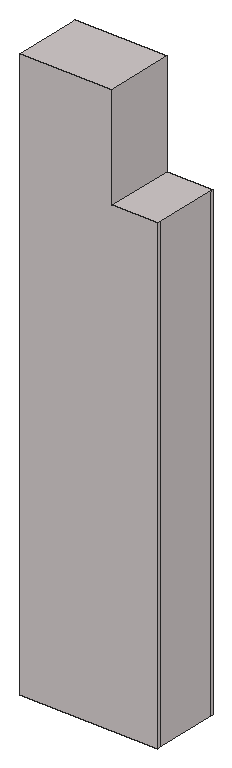
Revit family "M_Pré-moldado-Coluna retangular com arrimo", category Pilares estruturais, Revit 2019
Family settings
  Exibir em vistas ocultas = Arestas ocultadas por outros membros
  Forma do corte = Não definido
  Material para o comportamento do modelo = Concreto pré-moldado
  Exportar sempre como geometria = Não
  Redução da viga na planta = Da caixa de vinculação
  Número OmniClass = 23.25.30.11.14.11
  Título OmniClass = Columns
  ID de item do Seek = Precast-Rectangular Column with Bearing-0000-CAN-ENU
  Corte com vazios quando carregada = Não
  Representação simbólica = Da família
  Compartilhado = Não
  Exibir o pré-corte da família na vista da planta = Sim
Parameters (values of type "600x300 com assento de um lado")
  TransChamfer = if(Chanfro = 0 mm, 10 mm, Chanfro)  # 10 mm
  Peso da vara de tirante [instance] = 30
  Vara de tirante W [instance] = (Peso da vara de tirante) * 9.80 kN / 1000  # 0.294 kN
  Structural Material [instance] = Concreto - Moldado in loco - 35 MPa
  Peso do vergalhão simples [instance] = 50
  Vergalhão em W simples [instance] = (Peso do vergalhão simples * 9.80 kN) / 1000  # 0.49 kN
  Peso das grades de vergalhão [instance] = 100
  Grades de vergalhão W [instance] = (Peso das grades de vergalhão * 9.80 kN) / 1000  # 0.98 kN
  Profundidade da abertura [instance] = if(Abertura, h, 0 mm)  # 0 mm
  Dois lados = no
  Profundidade do assento à direita [instance] = 200 mm
  Profundidade do assento à esquerda [instance] = 200 mm
  Profundidade do assento 1 [instance] = if(not(Dois lados), 0 mm, Profundidade do assento à esquerda)  # 0 mm
  Distância da abertura [instance] = 1200 mm
  Altura do assento [instance] = 450 mm
  Raio de abertura [instance] = 40 mm
  Abertura = no
  b = 600 mm
  h = 300 mm
  Chanfro = 0 mm
Types (4, lengths in mm): name | Profundidade da abertura | Dois lados | Profundidade do assento à esquerda | Profundidade do assento 1 | Abertura
  (no name) | 0 | no | 200 | 0 | no
  600x300 com assento de dois lados | 0 | yes | 200 | 200 | no
  600x300 com assento de um lado | 0 | no | 200 | 0 | no
  600x300 com assento de dois lados e abertura | 300 | yes | 100 | 100 | yes
Reference planes
  plane 1 "Centro (Frente/Trás)": y = 0
  plane 2: z = 0
  plane 3 "Centro (Esquerda/Direita)": x = 0
  plane 4: x = -300
  plane 5: y = -150
  plane 6: x = 300
  plane 7: y = 150
  plane 8: x = 100
  plane 9: z = 2050
  plane 10: x = -300
  plane 11: z = 1300
  plane 12: y = 170
  plane 13: x = -300
  plane 14: x = 300
  plane 15: y = -140
  plane 16: y = 140
Forms (mm)
  Extrusion 1, solid, material "Concreto - Moldado in loco - 35 MPa" <- "Structural Material"
    sketch origin (0, 0, 0) x (1, 0, 0) y (0, 1, 0)
      loop
        line (-300, 150) -> (-300, 140) -> (-300, -140) -> (-300, -150) -> (300, -150) -> (300, -140) -> (300, 140) -> (300, 150) -> (-300, 150)
    from 0 to 2500
  Extrusion 2, void
    sketch origin (-40, 0, 0) x (-1, 0, 0) y (0, 0, 1)
      loop
        circle (-40, 1300) r 40
    from 150 to 170
  Extrusion 3, void
    sketch origin (0, 0, 0) x (-1, 0, 0) y (0, 0, 1)
      loop
        line (300, 2050) -> (305, 2050) -> (305, 2500) -> (300, 2500) -> (300, 2050)
      loop
        line (-300, 2050) -> (-100, 2050) -> (-100, 2500) -> (-300, 2500) -> (-300, 2050)
    from -150 to 150
Cuts and joins
  Extrusion 2, Extrusion 3 cuts Extrusion 1
Dimensions and locks
  "Altura do assento": level to plane 9
  "Distância da abertura": level to plane 11
  equal spacing: plane 7, plane 1 "Centro (Frente/Trás)", plane 5
  "b": plane 4 to plane 6
  equal spacing: plane 4, plane 3 "Centro (Esquerda/Direita)", plane 6
  "h": plane 5 to plane 7
  "Profundidade do assento 1": plane 4 to plane 10
  "Profundidade do assento à direita": plane 8 to plane 6
  locked: Extrusion 3 sketch curve to plane 4 at 5
  locked: plane 12 to plane 7 at 20
  "Profundidade da abertura": plane 7 to cut or joined group of Extrusion 1, Extrusion 2, Extrusion 3
  "Chanfro": plane 4 to plane 13
  "Chanfro": plane 14 to plane 6
  "TransChamfer": plane 7 to plane 16
  "TransChamfer": plane 15 to plane 5
  "Raio de abertura": radius of Extrusion 2 sketch curve
  aligned and locked: level to Extrusion 1
  aligned and locked: level to plane 2
  aligned and locked: Extrusion 1 to plane 2
  aligned and locked: plane 11 to Extrusion 2 sketch curve
  aligned and locked: Extrusion 1 sketch curve to plane 4
  aligned and locked: plane 6 to Extrusion 1 sketch curve
  aligned and locked: Extrusion 1 sketch curve to plane 5
  aligned and locked: Extrusion 1 sketch curve to plane 7
  aligned and locked: Extrusion 3 sketch curve to level  (x2)
  aligned and locked: Extrusion 3 sketch curve to plane 10
  aligned and locked: plane 8 to Extrusion 3 sketch curve
  aligned and locked: plane 9 to Extrusion 3 sketch curve  (x2)
  aligned and locked: Extrusion 1 to Extrusion 3
  aligned and locked: Extrusion 3 to Extrusion 1
  aligned and locked: plane 3 "Centro (Esquerda/Direita)" to Extrusion 2 sketch curve
  aligned and locked: Extrusion 3 sketch curve to plane 6
  aligned and locked: Extrusion 2 to plane 12
  aligned and locked: plane 13 to Extrusion 1 sketch curve  (x2)
  aligned and locked: plane 14 to Extrusion 1 sketch curve  (x2)
  aligned and locked: plane 16 to Extrusion 1 sketch curve  (x2)
  aligned and locked: plane 15 to Extrusion 1 sketch curve  (x2)
